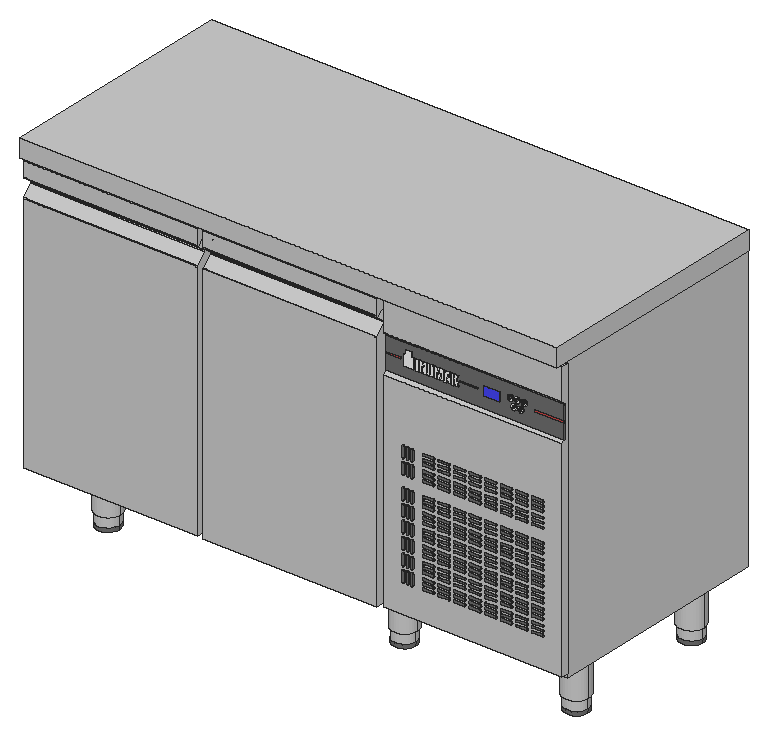
Revit family "QF_INOMAK_PMRP99_250528104133", category Specialty Equipment, Revit 2021
Family settings
  Round Connector Dimension = Use Diameter
  Part Type = Normal
  OmniClass Number = 23.40.40.14
  OmniClass Title = Food Service Equipment
  Work Plane-Based = No
  Always vertical = Yes
  Cut with Voids When Loaded = No
  Shared = No
  Room Calculation Point = No
Parameters (values of type "PMRP99")
  Weight [instance] = 104.00 kg
  Waste Water Discharge Temperature [instance] = 0 °C
  Waste Remarks [instance] = ""
  Warranty Start Date [instance] = ""
  Warranty Duration [instance] = ""
  Volts [instance] = 230 V
  Volt Free Conn [instance] = no
  URL Recommended Spares List [instance] = ""
  URL Manufacturer [instance] = ""
  URL Cutsheet [instance] = ""
  URL Critical Spares List [instance] = ""
  URL = "www.inomak.com"
  Technical Documentation [instance] = ""
  Tag Number [instance] = ""
  Status [instance] = ""
  Start Up Current [instance] = 0 A
  Specification by User [instance] = ""
  Specification by Manufacturer [instance] = ""
  Sound Level [instance] = ""
  Show Logo [instance] = yes
  Show Clearances [instance] = yes
  Service Life Duration [instance] = ""
  Serial Number [instance] = ""
  Seismic Rating [instance] = ""
  SMACNA No [instance] = ""
  Revision Code [instance] = ""
  Revision [instance] = ""
  Production Year [instance] = ""
  Potential Equalisation [instance] = no
  Point Load [instance] = 0
  Plumbing Connection Type [instance] = ""
  Phase [instance] = 1
  Other Equipment Approvals [instance] = ""
  Operational Current [instance] = 0 A
  Number of Poles [instance] = 2
  No Load Power Draw [instance] = no
  NAFEM Spec ID Number [instance] = ""
  Model Warning [instance] = ""
  Model = "PMRP99"
  Min Ckt Ampacity [instance] = 0 A
  Max Overcurrent Protection [instance] = 10 A
  Masterspec [instance] = ""
  Manufacturer = "INOMAK"
  Main switch integrated [instance] = no
  Length Actual [instance] = 1342.136 mm
  Item Number [instance] = ""
  Installed By [instance] = ""
  Installation Date [instance] = ""
  Indirect Waste Size [instance] = 25.4 mm
  Indirect Waste Remarks [instance] = ""
  Indirect Waste Flow [instance] = 0.0 L/s
  Indirect Waste Connection Type [instance] = ""
  Indirect Waste Connection Height [instance] = 0 mm
  Identify Quantity as Lot [instance] = no
  ID [instance] = ""
  Hygiene Approval [instance] = ""
  Height Actual [instance] = 899.922 mm
  HP power [instance] = ""
  Furnished By [instance] = ""
  Foodservice Equipment Identifier [instance] = no
  FL Amps [instance] = 2.8 A
  Electrical Remarks [instance] = ""
  Electric power [instance] = 360 W
  Electric Connection Type [instance] = ""
  Elec Conn RI Height [instance] = 0 mm
  Elec Conn Connection Height [instance] = 0 mm
  ETL Approved [instance] = no
  Direct Waste Water Discharge Temperature [instance] = -273.15 °C
  Direct Waste Size [instance] = 25.4 mm
  Direct Waste RI Height [instance] = 0 mm
  Direct Waste Flow [instance] = 0.0 L/s
  Direct Waste Connection Height [instance] = 0 mm
  Description = "CLOVER CHILLER COUNTER WITH 2 DOORS, COMPACT DIMENSIONS"
  Depth Actual [instance] = 599.948 mm
  Default Elevation = 0 mm
  Cycle [instance] = 50 Hz
  Cost = 0
  Connection to energy optimisation system [instance] = yes
  Conn Plug [instance] = ""
  Conn Conduit [instance] = no
  Centralized building control system with digital interface [instance] = ""
  CSI MasterFormat [instance] = ""
  CE Approved [instance] = no
  Barcode [instance] = 0
  Author [instance] = ""
  Asset Identifier [instance] = ""
  Apparent Power [instance] = 360 VA
  Accessory [instance] = no
Reference planes
  plane 1 "Center (Front/Back)": y = 0
  plane 2: z = 0
  plane 3 "Center (Left/Right)": x = 0
Forms (mm)
  Extrusion 1, solid, not visible
    sketch origin (1135.055, -260.013, 146.007) x (1, 0, 0) y (0, 1, 0)
      loop
        line (-2, 2) -> (-2, -2) -> (2, -2) -> (2, 2) -> (-2, 2)
    from -2 to 2
  Extrusion 2, solid, not visible
    sketch origin (935.046, -100.005, 146.007) x (1, 0, 0) y (0, 1, 0)
      loop
        line (-2, 2) -> (-2, -2) -> (2, -2) -> (2, 2) -> (-2, 2)
    from -2 to 2
Dimensions and locks
  locked: nested 2 to Extrusion 1 at 2  (x2)
  locked: nested 3 to Extrusion 2 at 2  (x2)
  aligned and locked: level to plane 2
Nested families
  nested 1: "QF_INOMAK_REF_COUNTERS_1345_2920" at (0, 0, 144), type "PMRP99"
    with Weight 104.00 kg, Warranty Start Date "", Warranty Duration "", URL Cutsheet "", Technical Documentation "", Tag Number "", Status "", Specification by User "", Specification by Manufacturer "", Sound Level "", Solid Fuel Type "", Show Clearances yes, Show Clearance yes, Service Life Duration "", Serial Number "", Seismic Rating "", SMACNA No "", Revision Code "", Revision "", Production Year "", Point Load 0, Other Equipment Approvals "", NAFEM Spec ID Number "", Model Warning "", Masterspec "", Length Actual 1342.136 mm, Item Number "", Installed By "", Installation Date "", Identify Quantity as Lot yes, ID "", Hygiene Approval "", Height Actual 899.922 mm, Furnished By "", Foodservice Equipment Identifier yes, Finish none, ETL Approved yes, Depth Actual 599.948 mm, CSI MasterFormat "", CE Approved yes, Barcode "", Author "", Asset Identifier "", Accessory no
  nested 2: "CONN_POINT_DRAIN_2D___Generic_Annotation" at (1135.055, -260.013, 144.007), type "CONN_POINT_DRAIN_2D___Generic_Annotation"
    with Onboard connection annotation symbol visibility yes
  nested 3: "CONN_POINT_ELE_2D___Generic_Annotation" at (935.046, -100.005, 144.007), type "CONN_POINT_ELE_2D___Generic_Annotation"
    with Onboard connection annotation symbol visibility yes
  nested 4: "QF_INOMAK_REF_COUNTERS_DOORS_DRAWERS_7216" at (0, -600, 144), type "DR-LX-710"
    with Weight 0.00 kg, Warranty Start Date "", Warranty Duration "", URL Cutsheet "", Top inset 10 mm, Technical Documentation "", Tag Number "", Status "", Specification by User "", Specification by Manufacturer "", Sound Level "", Solid Fuel Type "", Show Logo yes, Show Clearances yes, Service Life Duration "", Serial Number "", Seismic Rating "", SMACNA No "", Right panel thickness 0 mm, Revision Code "", Revision "", Rear inset 0 mm, Production Year "", Point Load 0, Plinth height 0 mm, Other Equipment Approvals "", NAFEM Spec ID Number "", Model Warning "", Masterspec "", Length Actual 435.102 mm, Left panel thickness 0 mm, Item Number "", Installed By "", Installation Date "", Identify Quantity as Lot yes, ID "", Hygiene Approval "", Height Actual 709.93 mm, Furnished By "", Front inset 10 mm, Foodservice Equipment Identifier yes, Finish none, ETL Approved yes, Doors drawers type 8, Depth Actual 80.01 mm, CSI MasterFormat "", CE Approved yes, Bottom inset 10 mm, Barcode "", Author "", Asset Identifier "", Accessory yes
  nested 5: "QF_INOMAK_REF_COUNTERS_DOORS_DRAWERS_16690" at (450, -600, 144), type "DR-RX-710"
    with Weight 0.00 kg, Warranty Start Date "", Warranty Duration "", URL Cutsheet "", Top inset 10 mm, Technical Documentation "", Tag Number "", Status "", Specification by User "", Specification by Manufacturer "", Sound Level "", Solid Fuel Type "", Show Logo yes, Show Clearances yes, Service Life Duration "", Serial Number "", Seismic Rating "", SMACNA No "", Right panel thickness 0 mm, Revision Code "", Revision "", Rear inset 0 mm, Production Year "", Point Load 0, Plinth height 0 mm, Other Equipment Approvals "", NAFEM Spec ID Number "", Model Warning "", Masterspec "", Length Actual 435.102 mm, Left panel thickness 0 mm, Item Number "", Installed By "", Installation Date "", Identify Quantity as Lot yes, ID "", Hygiene Approval "", Height Actual 709.93 mm, Furnished By "", Front inset 10 mm, Foodservice Equipment Identifier yes, Finish none, ETL Approved yes, Doors drawers type 9, Depth Actual 80.01 mm, CSI MasterFormat "", CE Approved yes, Bottom inset 10 mm, Barcode "", Author "", Asset Identifier "", Accessory yes
  nested 6: "QF_INOMAK_REF_COUNTERS_WORKTOPS_26161" at (0, 0, 854), type "WTWT-1345-600"
    with Worktop without backsplash yes, Worktop with backsplash no, Worktop type 3, Worktop thickness 46 mm, Without worktop no, Weight 0.00 kg, Warranty Start Date "", Warranty Duration "", URL Cutsheet "", Technical Documentation "", Tag Number "", Status "", Specification by User "", Specification by Manufacturer "", Sound Level "", Solid Fuel Type "", Show Logo yes, Show Clearances yes, Service Life Duration "", Serial Number "", Seismic Rating "", SMACNA No "", Revision Code "", Revision "", Production Year "", Point Load 0, Other Equipment Approvals "", NAFEM Spec ID Number "", Model Warning "", Masterspec "", Length Actual 1342.136 mm, Item Number "", Installed By "", Installation Date "", Identify Quantity as Lot yes, ID "", Hygiene Approval "", Height Actual 45.974 mm, Height AFF 0 mm, Furnished By "", Foodservice Equipment Identifier yes, Finish none, ETL Approved yes, Depth Actual 599.948 mm, CSI MasterFormat "", CE Approved yes, Barcode "", Backsplash thickness 20 mm, Backsplash height 60 mm, Author "", Asset Identifier "", Accessory yes
  nested 7: "QF_INOMAK_REF_COUNTERS_LEGS_27990" at (0, 0, 0), type "LG-1345-600"
    with Weight 0.00 kg, Warranty Start Date "", Warranty Duration "", URL Cutsheet "", Technical Documentation "", Tag Number "", Status "", Specification by User "", Specification by Manufacturer "", Sound Level "", Solid Fuel Type "", Show Logo yes, Show Clearances yes, Service Life Duration "", Serial Number "", Seismic Rating "", SMACNA No "", Revision Code "", Revision "", Production Year "", Point Load 0, Other Equipment Approvals "", NAFEM Spec ID Number "", Model Warning "", Masterspec "", Length Actual 1342.136 mm, Legs inset right 70 mm, Legs inset rear 90 mm, Legs inset left 100 mm, Legs inset front 150 mm, Item Number "", Installed By "", Installation Date "", Identify Quantity as Lot yes, ID "", Hygiene Approval "", Height Actual 144.018 mm, Furnished By "", Foodservice Equipment Identifier yes, ETL Approved yes, Depth Actual 599.948 mm, CentralLegs no, CSI MasterFormat "", CE Approved yes, Barcode "", Author "", Asset Identifier "", Accessory yes
Connectors
  piping at (1135.055, -260.013, 144.007), diameter 25.4, driven by "Indirect Waste Size", driven by "Direct Waste Flow"
    settings: on Extrusion 1, index 1, connector inside diameter 609.6 mm, connector length 0 mm, flow factor 0, pipe flow 0.0 L/s, pressure drop 0.0 Pa, fitting loss kfactor 0, connector angle 0.00°, fixture units 0, engagement length 0 mm, angle of deflection 0.00°, flow configuration 1, flow direction 2, fitting loss method 0, system type 16, joint type 0, gender type 0, connector reference index -1, connector utility 0, adjustable connector no, is connector primary yes, connector description "Waste connection for PMRP99"
  electrical at (935.046, -100.005, 144.007), driven by "Apparent Power", driven by "Number of Poles", driven by "Volts"
    settings: on Extrusion 2, index 2, voltage 230 V, apparent load 0 VA, apparent load phase1 360 VA, apparent load phase2 0 VA, apparent load phase3 0 VA, power factor 1, load classification "Other", number of poles 2, system type 31, power factor state 1, is connector primary yes, connector utility no, sub classification motor no, connector description "Electrical connection for PMRP99"
Definition of nested family "QF_INOMAK_REF_COUNTERS_1345_2920"
  Parameters (values of type "PNRP99")
    Weight [instance] = 0.00 kg
    Warranty Start Date [instance] = ""
    Warranty Duration [instance] = ""
    URL Cutsheet [instance] = ""
    URL = "www.inomak.com"
    Technical Documentation [instance] = ""
    Tag Number [instance] = ""
    Status [instance] = ""
    Specification by User [instance] = ""
    Specification by Manufacturer [instance] = ""
    Sound Level [instance] = ""
    Solid Fuel Type [instance] = ""
    Show Logo = yes
    Show Clearances [instance] = yes
    Show Clearance [instance] = yes
    Service Life Duration [instance] = ""
    Serial Number [instance] = ""
    Seismic Rating [instance] = ""
    SMACNA No [instance] = ""
    Revision Code [instance] = ""
    Revision [instance] = ""
    Production Year [instance] = ""
    Point Load [instance] = 0
    Other Equipment Approvals [instance] = ""
    NAFEM Spec ID Number [instance] = ""
    Model Warning [instance] = ""
    Model = "PNRP99"
    Masterspec [instance] = ""
    Manufacturer = "INOMAK"
    Length Actual [instance] = 0 mm
    Length = 1342 mm
    Item Number [instance] = ""
    Installed By [instance] = ""
    Installation Date [instance] = ""
    Identify Quantity as Lot [instance] = yes
    ID [instance] = ""
    Hygiene Approval [instance] = ""
    Height Actual [instance] = 0 mm
    Height = 710 mm
    Furnished By [instance] = ""
    Foodservice Equipment Identifier [instance] = yes
    Finish [instance] = none
    ETL Approved [instance] = yes
    Description = "PINE REFRIGERATED COUNTER WITH 2 GN 1/1 DOORS"
    Depth Actual [instance] = 0 mm
    Depth = 700 mm
    Default Elevation = 0 mm
    CSI MasterFormat [instance] = ""
    CE Approved [instance] = yes
    Barcode [instance] = ""
    Author [instance] = ""
    Asset Identifier [instance] = ""
    Assembly Code = "E1090320"
    Accessory [instance] = yes
  Types (2, lengths in mm): name | Model | Description | Depth
    PNRP99 | "PNRP99" | "PINE REFRIGERATED COUNTER WITH 2 GN 1/1 DOORS" | 700
    PMRP99 | "PMRP99" | "CLOVER CHILLER COUNTER WITH 2 DOORS, COMPACT DIMENSIONS" | 600
  Reference planes
    plane 1 "Back": y = 0
    plane 2: z = 0
    plane 3 "Left": x = 0
    plane 4 "Right": x = 1342
    plane 5 "Front": y = -700
    plane 6 "Top": z = 710
  Forms (mm)
    Extrusion 1, solid, material <- "Finish"
      sketch origin (0, 0, 0) x (1, 0, 0) y (0, 1, 0)
        loop
          line (0, -648) -> (30, -648) -> (30, -30) -> (867, -30) -> (867, -648) -> (897, -648) -> (897, -665) -> (1342, -665) -> (1342, 0) -> (0, 0) -> (0, -648)
      from 0 to 710
    Extrusion 2, solid, material <- "Finish"
      sketch origin (0, 0, 0) x (1, 0, 0) y (0, 1, 0)
        loop
          line (30, -30) -> (30, -648) -> (867, -648) -> (867, -30) -> (30, -30)
      from 0 to 45
    Extrusion 3, solid, material <- "Finish"
      sketch origin (0, 0, 710) x (0, 1, 0) y (-1, 0, 0)
        loop
          line (-30, -30) -> (-648, -30) -> (-648, -867) -> (-30, -867) -> (-30, -30)
      from 0 to -30
    Extrusion 4, solid, material <- "Finish"
      sketch origin (1342, 0, 0) x (0, -1, 0) y (0, 0, 1)
        loop
          line (683.05, 705) -> (665, 705) -> (665, 10) -> (683.05, 10) -> (683.05, 532.058) -> (676.05, 539.058) -> (676.05, 618.864) -> (683.05, 625.864) -> (683.05, 705)
      from 0 to 445
    Extrusion 5, solid
      sketch origin (0, -700, 0) x (-1, 0, 0) y (0, 0, 1)
        loop
          circle (-1208.654, 586.73) r 6.965
        loop
          circle (-1225.685, 586.73) r 6.965
        loop
          circle (-1242.694, 586.73) r 6.965
        loop
          circle (-1217.18, 568.729) r 6.965
        loop
          circle (-1234.189, 568.729) r 6.965
        loop
          circle (-1208.654, 586.73) r 3.965
        loop
          circle (-1225.685, 586.73) r 3.965
        loop
          circle (-1242.694, 586.73) r 3.965
        loop
          circle (-1217.18, 568.729) r 3.965
        loop
          circle (-1234.189, 568.729) r 3.965
      from 23 to 25.5
    Extrusion 6, solid
      sketch origin (0, -700, 0) x (-1, 0, 0) y (0, 0, 1)
        loop
          line (-1180.865, 590.461) -> (-1180.865, 567.461) -> (-1140.865, 567.461) -> (-1140.865, 590.461) -> (-1180.865, 590.461)
      from 23 to 25.5
    Extrusion 7, solid
      sketch origin (0, -700, 0) x (-1, 0, 0) y (0, 0, 1)
        loop
          line (-897, 618.864) -> (-1342, 618.864) -> (-1342, 539.058) -> (-897, 539.058) -> (-897, 618.864)
      from 23.5 to 25.5
    Extrusion 8, solid, visible <- "Show Logo"
      sketch origin (0, -700, 0) x (-1, 0, 0) y (0, 0, 1)
        loop
          line (-941.061, 591.01) -> (-947.061, 591.01) -> (-947.061, 602.118) -> (-961.298, 602.118) -> (-961.298, 591.01) -> (-967.298, 591.01) -> (-967.298, 564.76) -> (-941.061, 564.76) -> (-941.061, 591.01)
        loop
          line (-971.613, 590.698) -> (-978.903, 590.698) -> (-978.903, 564.76) -> (-971.613, 564.76) -> (-971.613, 590.698)
        loop
          line (-981.422, 564.76) -> (-981.422, 590.698) -> (-988.256, 590.698) -> (-991.449, 578.78) -> (-991.449, 590.698) -> (-997.982, 590.698) -> (-997.982, 564.76) -> (-991.449, 564.76) -> (-987.735, 578.623) -> (-987.735, 564.76) -> (-981.422, 564.76)
        loop
          line (-1018.664, 564.76) -> (-1018.664, 590.698) -> (-1027.626, 590.698) -> (-1029.988, 576.688) -> (-1032.35, 590.698) -> (-1041.312, 590.698) -> (-1041.312, 564.76) -> (-1034.687, 564.76) -> (-1034.687, 578.623) -> (-1032.35, 564.76) -> (-1027.626, 564.76) -> (-1025.289, 578.623) -> (-1025.289, 564.76) -> (-1018.664, 564.76)
        loop
          line (-1003.851, 590.698) -> (-1013.176, 590.698)
          arc (-1013.176, 590.698) -> (-1015.773, 589.622) -> (-1016.849, 587.026) r 3.672
          line (-1016.849, 587.026) -> (-1016.849, 568.433)
          arc (-1016.849, 568.433) -> (-1015.773, 565.836) -> (-1013.176, 564.76) r 3.672
          line (-1013.176, 564.76) -> (-1003.851, 564.76)
          arc (-1003.851, 564.76) -> (-1001.255, 565.836) -> (-1000.179, 568.433) r 3.672
          line (-1000.179, 568.433) -> (-1000.179, 587.026)
          arc (-1000.179, 587.026) -> (-1001.255, 589.622) -> (-1003.851, 590.698) r 3.672
        loop
          arc (-1007.487, 587.542) -> (-1008.514, 588.569) -> (-1009.541, 587.542) r 1.027
          line (-1009.541, 587.542) -> (-1009.541, 568.949)
          arc (-1009.541, 568.949) -> (-1008.514, 567.922) -> (-1007.487, 568.949) r 1.027
          line (-1007.487, 568.949) -> (-1007.487, 587.542)
        loop
          line (-1042.382, 564.76) -> (-1046.755, 590.698) -> (-1055.615, 590.698) -> (-1059.988, 564.76) -> (-1053.461, 564.76) -> (-1052.852, 569.723) -> (-1049.518, 569.723) -> (-1048.909, 564.76) -> (-1042.382, 564.76)
        loop
          line (-1050.074, 574.252) -> (-1051.185, 583.299) -> (-1052.296, 574.252) -> (-1050.074, 574.252)
        loop
          line (-1060.954, 564.76) -> (-1060.954, 590.698) -> (-1067.579, 590.698) -> (-1067.579, 581.585) -> (-1070.365, 590.698) -> (-1077.803, 590.698) -> (-1073.474, 579.422) -> (-1078.522, 564.76) -> (-1070.939, 564.76) -> (-1067.579, 577.3) -> (-1067.579, 564.76) -> (-1060.954, 564.76)
      from 23 to 25.5
    Extrusion 9, solid
      sketch origin (0, -700, 0) x (-1, 0, 0) y (0, 0, 1)
        loop
          line (-897, 580.961) -> (-933.995, 580.961) -> (-933.995, 576.961) -> (-897, 576.961) -> (-897, 580.961)
        loop
          line (-1082, 580.961) -> (-1126.365, 580.961) -> (-1126.365, 576.961) -> (-1082, 576.961) -> (-1082, 580.961)
        loop
          line (-1342, 580.961) -> (-1342, 576.961) -> (-1268.755, 576.961) -> (-1268.755, 580.961) -> (-1342, 580.961)
      from 23 to 25.5
  Cuts and joins
    joined: Extrusion 1, Extrusion 2, Extrusion 3
  Lines and regions (mm)
    symbolic lines, visible <- "Show Clearance"
      curve 1: line (0, 0, 0) -> (1342, 0, 0)
      curve 2: line (1342, 0, 0) -> (1342, -700, 0)
      curve 3: line (1342, -700, 0) -> (0, -700, 0)
      curve 4: line (0, -700, 0) -> (0, 0, 0)
  Dimensions and locks
    "Length": plane 3 "Left" to plane 4 "Right"
    "Depth": plane 5 "Front" to plane 1 "Back"
    "Height": plane 6 "Top" to plane 2
    aligned and locked: level to plane 2
    aligned and locked: plane 6 "Top" to Extrusion 1
    aligned and locked: nested 1 to plane 4 "Right"
    aligned and locked: plane 5 "Front" to nested 1
    aligned and locked: plane 5 "Front" to curve 3
  Automatic sketch dimensions
    plane 3 "Left" to Extrusion 2 sketch curve = 30 mm
    plane 4 "Right" to Extrusion 2 sketch curve = 475 mm
    plane 1 "Back" to Extrusion 2 sketch curve = 30 mm
    plane 1 "Back" to Extrusion 3 sketch curve = 30 mm
    plane 4 "Right" to Extrusion 3 sketch curve = 475 mm
    plane 3 "Left" to Extrusion 3 sketch curve = 30 mm
    Extrusion 1 sketch curve to plane 3 "Left" = 0 mm
    plane 1 "Back" to Extrusion 1 sketch curve = 0 mm
    Extrusion 1 sketch curve to plane 4 "Right" = 0 mm
    plane 3 "Left" to Extrusion 1 sketch curve = 30 mm
    plane 1 "Back" to Extrusion 1 sketch curve = 30 mm
    plane 4 "Right" to Extrusion 1 sketch curve = 475 mm
    Extrusion 1 sketch curve to Extrusion 1 sketch curve = 30 mm
    plane 5 "Front" to Extrusion 1 sketch curve = 35 mm
    plane 5 "Front" to Extrusion 1 sketch curve = 52 mm
    Extrusion 1 sketch curve to Extrusion 1 sketch curve = 17 mm
    plane 5 "Front" to Extrusion 2 sketch curve = 52 mm
    plane 5 "Front" to Extrusion 3 sketch curve = 52 mm
    Extrusion 4 sketch curve to plane 6 "Top" = 5 mm
    plane 5 "Front" to Extrusion 4 sketch curve = 35 mm
    plane 5 "Front" to Extrusion 4 sketch curve = 23.95 mm
    Extrusion 4 sketch curve to Extrusion 4 sketch curve = 7 mm  (x4)
    Extrusion 4 sketch curve to Extrusion 4 sketch curve = 79.136 mm
    Extrusion 4 sketch curve to Extrusion 4 sketch curve = 79.807 mm
    level to Extrusion 4 sketch curve = 10 mm
    Extrusion 5 sketch curve to Extrusion 5 sketch curve = 0 mm  (x13)
    plane 4 "Right" to Extrusion 5 sketch curve = 99.306 mm
    Extrusion 5 sketch curve to Extrusion 5 sketch curve = 8.505 mm
    Extrusion 5 sketch curve to Extrusion 5 sketch curve = 17.009 mm  (x2)
    Extrusion 5 sketch curve to Extrusion 5 sketch curve = 17.03 mm
    Extrusion 5 sketch curve to plane 6 "Top" = 141.271 mm
    Extrusion 5 sketch curve to Extrusion 5 sketch curve = 18.001 mm
    plane 4 "Right" to Extrusion 6 sketch curve = 161.135 mm
    Extrusion 6 sketch curve to Extrusion 6 sketch curve = 40 mm
    Extrusion 6 sketch curve to plane 6 "Top" = 142.539 mm
    Extrusion 6 sketch curve to Extrusion 6 sketch curve = 23 mm
    plane 4 "Right" to Extrusion 7 sketch curve = 0 mm
    Extrusion 7 sketch curve to plane 6 "Top" = 170.942 mm
    plane 4 "Right" to Extrusion 7 sketch curve = 445 mm
    Extrusion 7 sketch curve to Extrusion 7 sketch curve = 79.807 mm
    plane 4 "Right" to Extrusion 8 sketch curve = 263.478 mm
    Extrusion 8 sketch curve to Extrusion 8 sketch curve = 0.72 mm
    Extrusion 8 sketch curve to plane 6 "Top" = 130.578 mm
    Extrusion 8 sketch curve to Extrusion 8 sketch curve = 4.329 mm
    Extrusion 8 sketch curve to Extrusion 8 sketch curve = 7.584 mm
    Extrusion 8 sketch curve to plane 6 "Top" = 119.302 mm  (x2)
    Extrusion 8 sketch curve to Extrusion 8 sketch curve = 7.438 mm
    Extrusion 8 sketch curve to plane 6 "Top" = 132.7 mm
    Extrusion 8 sketch curve to Extrusion 8 sketch curve = 5.895 mm
    Extrusion 8 sketch curve to plane 6 "Top" = 128.415 mm
    Extrusion 8 sketch curve to Extrusion 8 sketch curve = 0 mm  (x11)
    Extrusion 8 sketch curve to Extrusion 8 sketch curve = 6.625 mm  (x2)
    Extrusion 8 sketch curve to Extrusion 8 sketch curve = 0.965 mm
    Extrusion 8 sketch curve to Extrusion 8 sketch curve = 5.338 mm
    Extrusion 8 sketch curve to Extrusion 8 sketch curve = 6.527 mm  (x2)
    Extrusion 8 sketch curve to plane 6 "Top" = 140.277 mm
    Extrusion 8 sketch curve to Extrusion 8 sketch curve = 0.609 mm
    Extrusion 8 sketch curve to plane 6 "Top" = 135.748 mm
    Extrusion 8 sketch curve to Extrusion 8 sketch curve = 0.556 mm
    Extrusion 8 sketch curve to plane 6 "Top" = 126.701 mm
    Extrusion 8 sketch curve to Extrusion 8 sketch curve = 4.43 mm  (x2)
    Extrusion 8 sketch curve to Extrusion 8 sketch curve = 2.222 mm
    Extrusion 8 sketch curve to Extrusion 8 sketch curve = 3.334 mm
    Extrusion 8 sketch curve to Extrusion 8 sketch curve = 4.552 mm
    Extrusion 8 sketch curve to plane 6 "Top" = 145.24 mm  (x2)
    Extrusion 8 sketch curve to Extrusion 8 sketch curve = 1.069 mm
    Extrusion 8 sketch curve to plane 6 "Top" = 131.377 mm  (x2)
    Extrusion 8 sketch curve to Extrusion 8 sketch curve = 8.962 mm  (x2)
    Extrusion 8 sketch curve to Extrusion 8 sketch curve = 2.337 mm
    Extrusion 8 sketch curve to plane 6 "Top" = 133.312 mm
    Extrusion 8 sketch curve to Extrusion 8 sketch curve = 4.699 mm  (x2)
    Extrusion 8 sketch curve to Extrusion 8 sketch curve = 4.724 mm  (x2)
    Extrusion 8 sketch curve to Extrusion 8 sketch curve = 1.815 mm
    Extrusion 8 sketch curve to Extrusion 8 sketch curve = 3.672 mm  (x8)
    Extrusion 8 sketch curve to Extrusion 8 sketch curve = 3.636 mm  (x3)
    Extrusion 8 sketch curve to Extrusion 8 sketch curve = 1.027 mm
    Extrusion 8 sketch curve to Extrusion 8 sketch curve = 2.197 mm
    Extrusion 8 sketch curve to Extrusion 8 sketch curve = 6.532 mm  (x2)
    Extrusion 8 sketch curve to Extrusion 8 sketch curve = 3.194 mm
    Extrusion 8 sketch curve to Extrusion 8 sketch curve = 3.714 mm
    Extrusion 8 sketch curve to Extrusion 8 sketch curve = 6.312 mm
    Extrusion 8 sketch curve to Extrusion 8 sketch curve = 2.52 mm
    Extrusion 8 sketch curve to Extrusion 8 sketch curve = 7.29 mm
    Extrusion 8 sketch curve to Extrusion 8 sketch curve = 4.315 mm
    Extrusion 8 sketch curve to Extrusion 8 sketch curve = 6 mm
    Extrusion 8 sketch curve to Extrusion 8 sketch curve = 14.237 mm
    Extrusion 8 sketch curve to Extrusion 8 sketch curve = 26.237 mm
    Extrusion 8 sketch curve to Extrusion 8 sketch curve = 14.661 mm
    Extrusion 8 sketch curve to Extrusion 8 sketch curve = 4.963 mm
    Extrusion 8 sketch curve to Extrusion 8 sketch curve = 0.516 mm  (x2)
    Extrusion 8 sketch curve to Extrusion 8 sketch curve = 13.862 mm
    Extrusion 8 sketch curve to Extrusion 8 sketch curve = 0.157 mm
    Extrusion 8 sketch curve to Extrusion 8 sketch curve = 26.25 mm
    Extrusion 8 sketch curve to Extrusion 8 sketch curve = 0.312 mm
    Extrusion 8 sketch curve to Extrusion 8 sketch curve = 11.107 mm
    plane 4 "Right" to Extrusion 9 sketch curve = 0 mm
    plane 4 "Right" to Extrusion 9 sketch curve = 73.245 mm
    Extrusion 9 sketch curve to Extrusion 9 sketch curve = 142.39 mm
    Extrusion 9 sketch curve to Extrusion 9 sketch curve = 44.365 mm
    Extrusion 9 sketch curve to Extrusion 9 sketch curve = 148.005 mm
    Extrusion 9 sketch curve to Extrusion 9 sketch curve = 36.995 mm
    Extrusion 9 sketch curve to plane 6 "Top" = 133.039 mm  (x3)
    Extrusion 9 sketch curve to Extrusion 9 sketch curve = 4 mm  (x3)
    plane 1 "Back" to curve 1 = 0 mm
    curve 1 to plane 3 "Left" = 0 mm
    curve 2 to plane 4 "Right" = 0 mm
    radius of Extrusion 5 sketch curve = 6.965 mm  (x5)
    radius of Extrusion 5 sketch curve = 3.965 mm  (x5)
  Nested families
    nested 1: "QF_INOMAK_CONRTOL-PANEL" at (1342, 0, 0), type "PNRP9999"
      with Show Clearance yes
  Definition of nested family "QF_INOMAK_CONRTOL-PANEL"
    Parameters (values of type "PNRP9999")
      URL = ""
      Show Logo = yes
      Show Clearance [instance] = yes
      Model = ""
      Manufacturer = ""
      Length = 0 mm
      Height = 710 mm
      Front offset = 80 mm
      Description = ""
      Depth = 700 mm
      Default Elevation = 0 mm
      Assembly Code = ""
    Reference planes
      plane 1 "Back": y = 0
      plane 2: z = 0
      plane 3 "Left": x = 0
      plane 4 "Right": x = 0
      plane 5 "Front": y = -700
      plane 6 "Top": z = 710
      plane 7 "Front offset": y = -620
    Forms (mm)
      Extrusion 1, solid
        sketch origin (-2240, -700, 0) x (-1, 0, 0) y (0, 0, 1)
          loop
            arc (-2191.4, 389.855) -> (-2194.4, 386.855) -> (-2191.4, 383.855) r 3
            line (-2191.4, 383.855) -> (-2167.4, 383.855)
            arc (-2167.4, 383.855) -> (-2164.4, 386.855) -> (-2167.4, 389.855) r 3
            line (-2167.4, 389.855) -> (-2191.4, 389.855)
          loop
            arc (-2152.4, 389.855) -> (-2155.4, 386.855) -> (-2152.4, 383.855) r 3
            line (-2152.4, 383.855) -> (-2128.4, 383.855)
            arc (-2128.4, 383.855) -> (-2125.4, 386.855) -> (-2128.4, 389.855) r 3
            line (-2128.4, 389.855) -> (-2152.4, 389.855)
          loop
            arc (-2113.4, 389.855) -> (-2116.4, 386.855) -> (-2113.4, 383.855) r 3
            line (-2113.4, 383.855) -> (-2089.4, 383.855)
            arc (-2089.4, 383.855) -> (-2086.4, 386.855) -> (-2089.4, 389.855) r 3
            line (-2089.4, 389.855) -> (-2113.4, 389.855)
          loop
            arc (-2074.4, 389.855) -> (-2077.4, 386.855) -> (-2074.4, 383.855) r 3
            line (-2074.4, 383.855) -> (-2050.4, 383.855)
            arc (-2050.4, 383.855) -> (-2047.4, 386.855) -> (-2050.4, 389.855) r 3
            line (-2050.4, 389.855) -> (-2074.4, 389.855)
          loop
            arc (-2035.4, 389.855) -> (-2038.4, 386.855) -> (-2035.4, 383.855) r 3
            line (-2035.4, 383.855) -> (-2011.4, 383.855)
            arc (-2011.4, 383.855) -> (-2008.4, 386.855) -> (-2011.4, 389.855) r 3
            line (-2011.4, 389.855) -> (-2035.4, 389.855)
          loop
            arc (-1996.4, 389.855) -> (-1999.4, 386.855) -> (-1996.4, 383.855) r 3
            line (-1996.4, 383.855) -> (-1972.4, 383.855)
            arc (-1972.4, 383.855) -> (-1969.4, 386.855) -> (-1972.4, 389.855) r 3
            line (-1972.4, 389.855) -> (-1996.4, 389.855)
          loop
            arc (-1957.4, 389.855) -> (-1960.4, 386.855) -> (-1957.4, 383.855) r 3
            line (-1957.4, 383.855) -> (-1933.4, 383.855)
            arc (-1933.4, 383.855) -> (-1930.4, 386.855) -> (-1933.4, 389.855) r 3
            line (-1933.4, 389.855) -> (-1957.4, 389.855)
          loop
            arc (-1918.4, 389.855) -> (-1921.4, 386.855) -> (-1918.4, 383.855) r 3
            line (-1918.4, 383.855) -> (-1894.4, 383.855)
            arc (-1894.4, 383.855) -> (-1891.4, 386.855) -> (-1894.4, 389.855) r 3
            line (-1894.4, 389.855) -> (-1918.4, 389.855)
          loop
            arc (-2191.4, 378.855) -> (-2194.4, 375.855) -> (-2191.4, 372.855) r 3
            line (-2191.4, 372.855) -> (-2167.4, 372.855)
            arc (-2167.4, 372.855) -> (-2164.4, 375.855) -> (-2167.4, 378.855) r 3
            line (-2167.4, 378.855) -> (-2191.4, 378.855)
          loop
            arc (-2152.4, 378.855) -> (-2155.4, 375.855) -> (-2152.4, 372.855) r 3
            line (-2152.4, 372.855) -> (-2128.4, 372.855)
            arc (-2128.4, 372.855) -> (-2125.4, 375.855) -> (-2128.4, 378.855) r 3
            line (-2128.4, 378.855) -> (-2152.4, 378.855)
          loop
            arc (-2113.4, 378.855) -> (-2116.4, 375.855) -> (-2113.4, 372.855) r 3
            line (-2113.4, 372.855) -> (-2089.4, 372.855)
            arc (-2089.4, 372.855) -> (-2086.4, 375.855) -> (-2089.4, 378.855) r 3
            line (-2089.4, 378.855) -> (-2113.4, 378.855)
          loop
            arc (-2074.4, 378.855) -> (-2077.4, 375.855) -> (-2074.4, 372.855) r 3
            line (-2074.4, 372.855) -> (-2050.4, 372.855)
            arc (-2050.4, 372.855) -> (-2047.4, 375.855) -> (-2050.4, 378.855) r 3
            line (-2050.4, 378.855) -> (-2074.4, 378.855)
          loop
            arc (-2035.4, 378.855) -> (-2038.4, 375.855) -> (-2035.4, 372.855) r 3
            line (-2035.4, 372.855) -> (-2011.4, 372.855)
            arc (-2011.4, 372.855) -> (-2008.4, 375.855) -> (-2011.4, 378.855) r 3
            line (-2011.4, 378.855) -> (-2035.4, 378.855)
          loop
            arc (-1996.4, 378.855) -> (-1999.4, 375.855) -> (-1996.4, 372.855) r 3
            line (-1996.4, 372.855) -> (-1972.4, 372.855)
            arc (-1972.4, 372.855) -> (-1969.4, 375.855) -> (-1972.4, 378.855) r 3
            line (-1972.4, 378.855) -> (-1996.4, 378.855)
          loop
            arc (-1957.4, 378.855) -> (-1960.4, 375.855) -> (-1957.4, 372.855) r 3
            line (-1957.4, 372.855) -> (-1933.4, 372.855)
            arc (-1933.4, 372.855) -> (-1930.4, 375.855) -> (-1933.4, 378.855) r 3
            line (-1933.4, 378.855) -> (-1957.4, 378.855)
          loop
            arc (-1918.4, 378.855) -> (-1921.4, 375.855) -> (-1918.4, 372.855) r 3
            line (-1918.4, 372.855) -> (-1894.4, 372.855)
            arc (-1894.4, 372.855) -> (-1891.4, 375.855) -> (-1894.4, 378.855) r 3
            line (-1894.4, 378.855) -> (-1918.4, 378.855)
          loop
            arc (-2191.4, 367.855) -> (-2194.4, 364.855) -> (-2191.4, 361.855) r 3
            line (-2191.4, 361.855) -> (-2167.4, 361.855)
            arc (-2167.4, 361.855) -> (-2164.4, 364.855) -> (-2167.4, 367.855) r 3
            line (-2167.4, 367.855) -> (-2191.4, 367.855)
          loop
            arc (-2152.4, 367.855) -> (-2155.4, 364.855) -> (-2152.4, 361.855) r 3
            line (-2152.4, 361.855) -> (-2128.4, 361.855)
            arc (-2128.4, 361.855) -> (-2125.4, 364.855) -> (-2128.4, 367.855) r 3
            line (-2128.4, 367.855) -> (-2152.4, 367.855)
          loop
            arc (-2113.4, 367.855) -> (-2116.4, 364.855) -> (-2113.4, 361.855) r 3
            line (-2113.4, 361.855) -> (-2089.4, 361.855)
            arc (-2089.4, 361.855) -> (-2086.4, 364.855) -> (-2089.4, 367.855) r 3
            line (-2089.4, 367.855) -> (-2113.4, 367.855)
          loop
            arc (-2074.4, 367.855) -> (-2077.4, 364.855) -> (-2074.4, 361.855) r 3
            line (-2074.4, 361.855) -> (-2050.4, 361.855)
            arc (-2050.4, 361.855) -> (-2047.4, 364.855) -> (-2050.4, 367.855) r 3
            line (-2050.4, 367.855) -> (-2074.4, 367.855)
          loop
            arc (-2035.4, 367.855) -> (-2038.4, 364.855) -> (-2035.4, 361.855) r 3
            line (-2035.4, 361.855) -> (-2011.4, 361.855)
            arc (-2011.4, 361.855) -> (-2008.4, 364.855) -> (-2011.4, 367.855) r 3
            line (-2011.4, 367.855) -> (-2035.4, 367.855)
          loop
            arc (-1996.4, 367.855) -> (-1999.4, 364.855) -> (-1996.4, 361.855) r 3
            line (-1996.4, 361.855) -> (-1972.4, 361.855)
            arc (-1972.4, 361.855) -> (-1969.4, 364.855) -> (-1972.4, 367.855) r 3
            line (-1972.4, 367.855) -> (-1996.4, 367.855)
          loop
            arc (-1957.4, 367.855) -> (-1960.4, 364.855) -> (-1957.4, 361.855) r 3
            line (-1957.4, 361.855) -> (-1933.4, 361.855)
            arc (-1933.4, 361.855) -> (-1930.4, 364.855) -> (-1933.4, 367.855) r 3
            line (-1933.4, 367.855) -> (-1957.4, 367.855)
          loop
            arc (-1918.4, 367.855) -> (-1921.4, 364.855) -> (-1918.4, 361.855) r 3
            line (-1918.4, 361.855) -> (-1894.4, 361.855)
            arc (-1894.4, 361.855) -> (-1891.4, 364.855) -> (-1894.4, 367.855) r 3
            line (-1894.4, 367.855) -> (-1918.4, 367.855)
          loop
            arc (-2191.4, 352.855) -> (-2194.4, 349.855) -> (-2191.4, 346.855) r 3
            line (-2191.4, 346.855) -> (-2167.4, 346.855)
            arc (-2167.4, 346.855) -> (-2164.4, 349.855) -> (-2167.4, 352.855) r 3
            line (-2167.4, 352.855) -> (-2191.4, 352.855)
          loop
            arc (-2152.4, 352.855) -> (-2155.4, 349.855) -> (-2152.4, 346.855) r 3
            line (-2152.4, 346.855) -> (-2128.4, 346.855)
            arc (-2128.4, 346.855) -> (-2125.4, 349.855) -> (-2128.4, 352.855) r 3
            line (-2128.4, 352.855) -> (-2152.4, 352.855)
          loop
            arc (-2113.4, 352.855) -> (-2116.4, 349.855) -> (-2113.4, 346.855) r 3
            line (-2113.4, 346.855) -> (-2089.4, 346.855)
            arc (-2089.4, 346.855) -> (-2086.4, 349.855) -> (-2089.4, 352.855) r 3
            line (-2089.4, 352.855) -> (-2113.4, 352.855)
          loop
            arc (-2074.4, 352.855) -> (-2077.4, 349.855) -> (-2074.4, 346.855) r 3
            line (-2074.4, 346.855) -> (-2050.4, 346.855)
            arc (-2050.4, 346.855) -> (-2047.4, 349.855) -> (-2050.4, 352.855) r 3
            line (-2050.4, 352.855) -> (-2074.4, 352.855)
          loop
            arc (-2035.4, 352.855) -> (-2038.4, 349.855) -> (-2035.4, 346.855) r 3
            line (-2035.4, 346.855) -> (-2011.4, 346.855)
            arc (-2011.4, 346.855) -> (-2008.4, 349.855) -> (-2011.4, 352.855) r 3
            line (-2011.4, 352.855) -> (-2035.4, 352.855)
          loop
            arc (-1996.4, 352.855) -> (-1999.4, 349.855) -> (-1996.4, 346.855) r 3
            line (-1996.4, 346.855) -> (-1972.4, 346.855)
            arc (-1972.4, 346.855) -> (-1969.4, 349.855) -> (-1972.4, 352.855) r 3
            line (-1972.4, 352.855) -> (-1996.4, 352.855)
          loop
            arc (-1957.4, 352.855) -> (-1960.4, 349.855) -> (-1957.4, 346.855) r 3
            line (-1957.4, 346.855) -> (-1933.4, 346.855)
            arc (-1933.4, 346.855) -> (-1930.4, 349.855) -> (-1933.4, 352.855) r 3
            line (-1933.4, 352.855) -> (-1957.4, 352.855)
          loop
            arc (-1918.4, 352.855) -> (-1921.4, 349.855) -> (-1918.4, 346.855) r 3
            line (-1918.4, 346.855) -> (-1894.4, 346.855)
            arc (-1894.4, 346.855) -> (-1891.4, 349.855) -> (-1894.4, 352.855) r 3
            line (-1894.4, 352.855) -> (-1918.4, 352.855)
          loop
            arc (-2191.4, 341.855) -> (-2194.4, 338.855) -> (-2191.4, 335.855) r 3
            line (-2191.4, 335.855) -> (-2167.4, 335.855)
            arc (-2167.4, 335.855) -> (-2164.4, 338.855) -> (-2167.4, 341.855) r 3
            line (-2167.4, 341.855) -> (-2191.4, 341.855)
          loop
            arc (-2152.4, 341.855) -> (-2155.4, 338.855) -> (-2152.4, 335.855) r 3
            line (-2152.4, 335.855) -> (-2128.4, 335.855)
            arc (-2128.4, 335.855) -> (-2125.4, 338.855) -> (-2128.4, 341.855) r 3
            line (-2128.4, 341.855) -> (-2152.4, 341.855)
          loop
            arc (-2113.4, 341.855) -> (-2116.4, 338.855) -> (-2113.4, 335.855) r 3
            line (-2113.4, 335.855) -> (-2089.4, 335.855)
            arc (-2089.4, 335.855) -> (-2086.4, 338.855) -> (-2089.4, 341.855) r 3
            line (-2089.4, 341.855) -> (-2113.4, 341.855)
          loop
            arc (-2074.4, 341.855) -> (-2077.4, 338.855) -> (-2074.4, 335.855) r 3
            line (-2074.4, 335.855) -> (-2050.4, 335.855)
            arc (-2050.4, 335.855) -> (-2047.4, 338.855) -> (-2050.4, 341.855) r 3
            line (-2050.4, 341.855) -> (-2074.4, 341.855)
          loop
            arc (-2035.4, 341.855) -> (-2038.4, 338.855) -> (-2035.4, 335.855) r 3
            line (-2035.4, 335.855) -> (-2011.4, 335.855)
            arc (-2011.4, 335.855) -> (-2008.4, 338.855) -> (-2011.4, 341.855) r 3
            line (-2011.4, 341.855) -> (-2035.4, 341.855)
          loop
            arc (-1996.4, 341.855) -> (-1999.4, 338.855) -> (-1996.4, 335.855) r 3
            line (-1996.4, 335.855) -> (-1972.4, 335.855)
            arc (-1972.4, 335.855) -> (-1969.4, 338.855) -> (-1972.4, 341.855) r 3
            line (-1972.4, 341.855) -> (-1996.4, 341.855)
          loop
            arc (-1957.4, 341.855) -> (-1960.4, 338.855) -> (-1957.4, 335.855) r 3
            line (-1957.4, 335.855) -> (-1933.4, 335.855)
            arc (-1933.4, 335.855) -> (-1930.4, 338.855) -> (-1933.4, 341.855) r 3
            line (-1933.4, 341.855) -> (-1957.4, 341.855)
          loop
            arc (-1918.4, 341.855) -> (-1921.4, 338.855) -> (-1918.4, 335.855) r 3
            line (-1918.4, 335.855) -> (-1894.4, 335.855)
            arc (-1894.4, 335.855) -> (-1891.4, 338.855) -> (-1894.4, 341.855) r 3
            line (-1894.4, 341.855) -> (-1918.4, 341.855)
          loop
            arc (-2191.4, 330.855) -> (-2194.4, 327.855) -> (-2191.4, 324.855) r 3
            line (-2191.4, 324.855) -> (-2167.4, 324.855)
            arc (-2167.4, 324.855) -> (-2164.4, 327.855) -> (-2167.4, 330.855) r 3
            line (-2167.4, 330.855) -> (-2191.4, 330.855)
          loop
            arc (-2152.4, 330.855) -> (-2155.4, 327.855) -> (-2152.4, 324.855) r 3
            line (-2152.4, 324.855) -> (-2128.4, 324.855)
            arc (-2128.4, 324.855) -> (-2125.4, 327.855) -> (-2128.4, 330.855) r 3
            line (-2128.4, 330.855) -> (-2152.4, 330.855)
          loop
            arc (-2113.4, 330.855) -> (-2116.4, 327.855) -> (-2113.4, 324.855) r 3
            line (-2113.4, 324.855) -> (-2089.4, 324.855)
            arc (-2089.4, 324.855) -> (-2086.4, 327.855) -> (-2089.4, 330.855) r 3
            line (-2089.4, 330.855) -> (-2113.4, 330.855)
          loop
            arc (-2074.4, 330.855) -> (-2077.4, 327.855) -> (-2074.4, 324.855) r 3
            line (-2074.4, 324.855) -> (-2050.4, 324.855)
            arc (-2050.4, 324.855) -> (-2047.4, 327.855) -> (-2050.4, 330.855) r 3
            line (-2050.4, 330.855) -> (-2074.4, 330.855)
          loop
            arc (-2035.4, 330.855) -> (-2038.4, 327.855) -> (-2035.4, 324.855) r 3
            line (-2035.4, 324.855) -> (-2011.4, 324.855)
            arc (-2011.4, 324.855) -> (-2008.4, 327.855) -> (-2011.4, 330.855) r 3
            line (-2011.4, 330.855) -> (-2035.4, 330.855)
          loop
            arc (-1996.4, 330.855) -> (-1999.4, 327.855) -> (-1996.4, 324.855) r 3
            line (-1996.4, 324.855) -> (-1972.4, 324.855)
            arc (-1972.4, 324.855) -> (-1969.4, 327.855) -> (-1972.4, 330.855) r 3
            line (-1972.4, 330.855) -> (-1996.4, 330.855)
          loop
            arc (-1957.4, 330.855) -> (-1960.4, 327.855) -> (-1957.4, 324.855) r 3
            line (-1957.4, 324.855) -> (-1933.4, 324.855)
            arc (-1933.4, 324.855) -> (-1930.4, 327.855) -> (-1933.4, 330.855) r 3
            line (-1933.4, 330.855) -> (-1957.4, 330.855)
          loop
            arc (-1918.4, 330.855) -> (-1921.4, 327.855) -> (-1918.4, 324.855) r 3
            line (-1918.4, 324.855) -> (-1894.4, 324.855)
            arc (-1894.4, 324.855) -> (-1891.4, 327.855) -> (-1894.4, 330.855) r 3
            line (-1894.4, 330.855) -> (-1918.4, 330.855)
          loop
            arc (-2191.4, 295.855) -> (-2194.4, 292.855) -> (-2191.4, 289.855) r 3
            line (-2191.4, 289.855) -> (-2167.4, 289.855)
            arc (-2167.4, 289.855) -> (-2164.4, 292.855) -> (-2167.4, 295.855) r 3
            line (-2167.4, 295.855) -> (-2191.4, 295.855)
          loop
            arc (-2152.4, 295.855) -> (-2155.4, 292.855) -> (-2152.4, 289.855) r 3
            line (-2152.4, 289.855) -> (-2128.4, 289.855)
            arc (-2128.4, 289.855) -> (-2125.4, 292.855) -> (-2128.4, 295.855) r 3
            line (-2128.4, 295.855) -> (-2152.4, 295.855)
          loop
            arc (-2113.4, 295.855) -> (-2116.4, 292.855) -> (-2113.4, 289.855) r 3
            line (-2113.4, 289.855) -> (-2089.4, 289.855)
            arc (-2089.4, 289.855) -> (-2086.4, 292.855) -> (-2089.4, 295.855) r 3
            line (-2089.4, 295.855) -> (-2113.4, 295.855)
          loop
            arc (-2074.4, 295.855) -> (-2077.4, 292.855) -> (-2074.4, 289.855) r 3
            line (-2074.4, 289.855) -> (-2050.4, 289.855)
            arc (-2050.4, 289.855) -> (-2047.4, 292.855) -> (-2050.4, 295.855) r 3
            line (-2050.4, 295.855) -> (-2074.4, 295.855)
          loop
            arc (-2035.4, 295.855) -> (-2038.4, 292.855) -> (-2035.4, 289.855) r 3
            line (-2035.4, 289.855) -> (-2011.4, 289.855)
            arc (-2011.4, 289.855) -> (-2008.4, 292.855) -> (-2011.4, 295.855) r 3
            line (-2011.4, 295.855) -> (-2035.4, 295.855)
          loop
            arc (-1996.4, 295.855) -> (-1999.4, 292.855) -> (-1996.4, 289.855) r 3
            line (-1996.4, 289.855) -> (-1972.4, 289.855)
            arc (-1972.4, 289.855) -> (-1969.4, 292.855) -> (-1972.4, 295.855) r 3
            line (-1972.4, 295.855) -> (-1996.4, 295.855)
          loop
            arc (-1957.4, 295.855) -> (-1960.4, 292.855) -> (-1957.4, 289.855) r 3
            line (-1957.4, 289.855) -> (-1933.4, 289.855)
            arc (-1933.4, 289.855) -> (-1930.4, 292.855) -> (-1933.4, 295.855) r 3
            line (-1933.4, 295.855) -> (-1957.4, 295.855)
          loop
            arc (-1918.4, 295.855) -> (-1921.4, 292.855) -> (-1918.4, 289.855) r 3
            line (-1918.4, 289.855) -> (-1894.4, 289.855)
            arc (-1894.4, 289.855) -> (-1891.4, 292.855) -> (-1894.4, 295.855) r 3
            line (-1894.4, 295.855) -> (-1918.4, 295.855)
          loop
            arc (-2191.4, 284.855) -> (-2194.4, 281.855) -> (-2191.4, 278.855) r 3
            line (-2191.4, 278.855) -> (-2167.4, 278.855)
            arc (-2167.4, 278.855) -> (-2164.4, 281.855) -> (-2167.4, 284.855) r 3
            line (-2167.4, 284.855) -> (-2191.4, 284.855)
          loop
            arc (-2152.4, 284.855) -> (-2155.4, 281.855) -> (-2152.4, 278.855) r 3
            line (-2152.4, 278.855) -> (-2128.4, 278.855)
            arc (-2128.4, 278.855) -> (-2125.4, 281.855) -> (-2128.4, 284.855) r 3
            line (-2128.4, 284.855) -> (-2152.4, 284.855)
          loop
            arc (-2113.4, 284.855) -> (-2116.4, 281.855) -> (-2113.4, 278.855) r 3
            line (-2113.4, 278.855) -> (-2089.4, 278.855)
            arc (-2089.4, 278.855) -> (-2086.4, 281.855) -> (-2089.4, 284.855) r 3
            line (-2089.4, 284.855) -> (-2113.4, 284.855)
          loop
            arc (-2074.4, 284.855) -> (-2077.4, 281.855) -> (-2074.4, 278.855) r 3
            line (-2074.4, 278.855) -> (-2050.4, 278.855)
            arc (-2050.4, 278.855) -> (-2047.4, 281.855) -> (-2050.4, 284.855) r 3
            line (-2050.4, 284.855) -> (-2074.4, 284.855)
          loop
            arc (-2035.4, 284.855) -> (-2038.4, 281.855) -> (-2035.4, 278.855) r 3
            line (-2035.4, 278.855) -> (-2011.4, 278.855)
            arc (-2011.4, 278.855) -> (-2008.4, 281.855) -> (-2011.4, 284.855) r 3
            line (-2011.4, 284.855) -> (-2035.4, 284.855)
          loop
            arc (-1996.4, 284.855) -> (-1999.4, 281.855) -> (-1996.4, 278.855) r 3
            line (-1996.4, 278.855) -> (-1972.4, 278.855)
            arc (-1972.4, 278.855) -> (-1969.4, 281.855) -> (-1972.4, 284.855) r 3
            line (-1972.4, 284.855) -> (-1996.4, 284.855)
          loop
            arc (-1957.4, 284.855) -> (-1960.4, 281.855) -> (-1957.4, 278.855) r 3
            line (-1957.4, 278.855) -> (-1933.4, 278.855)
            arc (-1933.4, 278.855) -> (-1930.4, 281.855) -> (-1933.4, 284.855) r 3
            line (-1933.4, 284.855) -> (-1957.4, 284.855)
          loop
            arc (-1918.4, 284.855) -> (-1921.4, 281.855) -> (-1918.4, 278.855) r 3
            line (-1918.4, 278.855) -> (-1894.4, 278.855)
            arc (-1894.4, 278.855) -> (-1891.4, 281.855) -> (-1894.4, 284.855) r 3
            line (-1894.4, 284.855) -> (-1918.4, 284.855)
          loop
            arc (-2191.4, 273.855) -> (-2194.4, 270.855) -> (-2191.4, 267.855) r 3
            line (-2191.4, 267.855) -> (-2167.4, 267.855)
            arc (-2167.4, 267.855) -> (-2164.4, 270.855) -> (-2167.4, 273.855) r 3
            line (-2167.4, 273.855) -> (-2191.4, 273.855)
          loop
            arc (-2152.4, 273.855) -> (-2155.4, 270.855) -> (-2152.4, 267.855) r 3
            line (-2152.4, 267.855) -> (-2128.4, 267.855)
            arc (-2128.4, 267.855) -> (-2125.4, 270.855) -> (-2128.4, 273.855) r 3
            line (-2128.4, 273.855) -> (-2152.4, 273.855)
          loop
            arc (-2113.4, 273.855) -> (-2116.4, 270.855) -> (-2113.4, 267.855) r 3
            line (-2113.4, 267.855) -> (-2089.4, 267.855)
            arc (-2089.4, 267.855) -> (-2086.4, 270.855) -> (-2089.4, 273.855) r 3
            line (-2089.4, 273.855) -> (-2113.4, 273.855)
          loop
            arc (-2074.4, 273.855) -> (-2077.4, 270.855) -> (-2074.4, 267.855) r 3
            line (-2074.4, 267.855) -> (-2050.4, 267.855)
            arc (-2050.4, 267.855) -> (-2047.4, 270.855) -> (-2050.4, 273.855) r 3
            line (-2050.4, 273.855) -> (-2074.4, 273.855)
          loop
            arc (-2035.4, 273.855) -> (-2038.4, 270.855) -> (-2035.4, 267.855) r 3
            line (-2035.4, 267.855) -> (-2011.4, 267.855)
            arc (-2011.4, 267.855) -> (-2008.4, 270.855) -> (-2011.4, 273.855) r 3
            line (-2011.4, 273.855) -> (-2035.4, 273.855)
          loop
            arc (-1996.4, 273.855) -> (-1999.4, 270.855) -> (-1996.4, 267.855) r 3
            line (-1996.4, 267.855) -> (-1972.4, 267.855)
            arc (-1972.4, 267.855) -> (-1969.4, 270.855) -> (-1972.4, 273.855) r 3
            line (-1972.4, 273.855) -> (-1996.4, 273.855)
          loop
            arc (-1957.4, 273.855) -> (-1960.4, 270.855) -> (-1957.4, 267.855) r 3
            line (-1957.4, 267.855) -> (-1933.4, 267.855)
            arc (-1933.4, 267.855) -> (-1930.4, 270.855) -> (-1933.4, 273.855) r 3
            line (-1933.4, 273.855) -> (-1957.4, 273.855)
          loop
            arc (-1918.4, 273.855) -> (-1921.4, 270.855) -> (-1918.4, 267.855) r 3
            line (-1918.4, 267.855) -> (-1894.4, 267.855)
            arc (-1894.4, 267.855) -> (-1891.4, 270.855) -> (-1894.4, 273.855) r 3
            line (-1894.4, 273.855) -> (-1918.4, 273.855)
          loop
            arc (-2191.4, 258.855) -> (-2194.4, 255.855) -> (-2191.4, 252.855) r 3
            line (-2191.4, 252.855) -> (-2167.4, 252.855)
            arc (-2167.4, 252.855) -> (-2164.4, 255.855) -> (-2167.4, 258.855) r 3
            line (-2167.4, 258.855) -> (-2191.4, 258.855)
          loop
            arc (-2152.4, 258.855) -> (-2155.4, 255.855) -> (-2152.4, 252.855) r 3
            line (-2152.4, 252.855) -> (-2128.4, 252.855)
            arc (-2128.4, 252.855) -> (-2125.4, 255.855) -> (-2128.4, 258.855) r 3
            line (-2128.4, 258.855) -> (-2152.4, 258.855)
          loop
            arc (-2113.4, 258.855) -> (-2116.4, 255.855) -> (-2113.4, 252.855) r 3
            line (-2113.4, 252.855) -> (-2089.4, 252.855)
            arc (-2089.4, 252.855) -> (-2086.4, 255.855) -> (-2089.4, 258.855) r 3
            line (-2089.4, 258.855) -> (-2113.4, 258.855)
          loop
            arc (-2074.4, 258.855) -> (-2077.4, 255.855) -> (-2074.4, 252.855) r 3
            line (-2074.4, 252.855) -> (-2050.4, 252.855)
            arc (-2050.4, 252.855) -> (-2047.4, 255.855) -> (-2050.4, 258.855) r 3
            line (-2050.4, 258.855) -> (-2074.4, 258.855)
          loop
            arc (-2035.4, 258.855) -> (-2038.4, 255.855) -> (-2035.4, 252.855) r 3
            line (-2035.4, 252.855) -> (-2011.4, 252.855)
            arc (-2011.4, 252.855) -> (-2008.4, 255.855) -> (-2011.4, 258.855) r 3
            line (-2011.4, 258.855) -> (-2035.4, 258.855)
          loop
            arc (-1996.4, 258.855) -> (-1999.4, 255.855) -> (-1996.4, 252.855) r 3
            line (-1996.4, 252.855) -> (-1972.4, 252.855)
            arc (-1972.4, 252.855) -> (-1969.4, 255.855) -> (-1972.4, 258.855) r 3
            line (-1972.4, 258.855) -> (-1996.4, 258.855)
          loop
            arc (-1957.4, 258.855) -> (-1960.4, 255.855) -> (-1957.4, 252.855) r 3
            line (-1957.4, 252.855) -> (-1933.4, 252.855)
            arc (-1933.4, 252.855) -> (-1930.4, 255.855) -> (-1933.4, 258.855) r 3
            line (-1933.4, 258.855) -> (-1957.4, 258.855)
          loop
            arc (-1918.4, 258.855) -> (-1921.4, 255.855) -> (-1918.4, 252.855) r 3
            line (-1918.4, 252.855) -> (-1894.4, 252.855)
            arc (-1894.4, 252.855) -> (-1891.4, 255.855) -> (-1894.4, 258.855) r 3
            line (-1894.4, 258.855) -> (-1918.4, 258.855)
          loop
            arc (-2191.4, 247.855) -> (-2194.4, 244.855) -> (-2191.4, 241.855) r 3
            line (-2191.4, 241.855) -> (-2167.4, 241.855)
            arc (-2167.4, 241.855) -> (-2164.4, 244.855) -> (-2167.4, 247.855) r 3
            line (-2167.4, 247.855) -> (-2191.4, 247.855)
          loop
            arc (-2152.4, 247.855) -> (-2155.4, 244.855) -> (-2152.4, 241.855) r 3
            line (-2152.4, 241.855) -> (-2128.4, 241.855)
            arc (-2128.4, 241.855) -> (-2125.4, 244.855) -> (-2128.4, 247.855) r 3
            line (-2128.4, 247.855) -> (-2152.4, 247.855)
          loop
            arc (-2113.4, 247.855) -> (-2116.4, 244.855) -> (-2113.4, 241.855) r 3
            line (-2113.4, 241.855) -> (-2089.4, 241.855)
            arc (-2089.4, 241.855) -> (-2086.4, 244.855) -> (-2089.4, 247.855) r 3
            line (-2089.4, 247.855) -> (-2113.4, 247.855)
          loop
            arc (-2074.4, 247.855) -> (-2077.4, 244.855) -> (-2074.4, 241.855) r 3
            line (-2074.4, 241.855) -> (-2050.4, 241.855)
            arc (-2050.4, 241.855) -> (-2047.4, 244.855) -> (-2050.4, 247.855) r 3
            line (-2050.4, 247.855) -> (-2074.4, 247.855)
          loop
            arc (-2035.4, 247.855) -> (-2038.4, 244.855) -> (-2035.4, 241.855) r 3
            line (-2035.4, 241.855) -> (-2011.4, 241.855)
            arc (-2011.4, 241.855) -> (-2008.4, 244.855) -> (-2011.4, 247.855) r 3
            line (-2011.4, 247.855) -> (-2035.4, 247.855)
          loop
            arc (-1996.4, 247.855) -> (-1999.4, 244.855) -> (-1996.4, 241.855) r 3
            line (-1996.4, 241.855) -> (-1972.4, 241.855)
            arc (-1972.4, 241.855) -> (-1969.4, 244.855) -> (-1972.4, 247.855) r 3
            line (-1972.4, 247.855) -> (-1996.4, 247.855)
          loop
            arc (-1957.4, 247.855) -> (-1960.4, 244.855) -> (-1957.4, 241.855) r 3
            line (-1957.4, 241.855) -> (-1933.4, 241.855)
            arc (-1933.4, 241.855) -> (-1930.4, 244.855) -> (-1933.4, 247.855) r 3
            line (-1933.4, 247.855) -> (-1957.4, 247.855)
          loop
            arc (-1918.4, 247.855) -> (-1921.4, 244.855) -> (-1918.4, 241.855) r 3
            line (-1918.4, 241.855) -> (-1894.4, 241.855)
            arc (-1894.4, 241.855) -> (-1891.4, 244.855) -> (-1894.4, 247.855) r 3
            line (-1894.4, 247.855) -> (-1918.4, 247.855)
          loop
            arc (-2191.4, 236.855) -> (-2194.4, 233.855) -> (-2191.4, 230.855) r 3
            line (-2191.4, 230.855) -> (-2167.4, 230.855)
            arc (-2167.4, 230.855) -> (-2164.4, 233.855) -> (-2167.4, 236.855) r 3
            line (-2167.4, 236.855) -> (-2191.4, 236.855)
          loop
            arc (-2152.4, 236.855) -> (-2155.4, 233.855) -> (-2152.4, 230.855) r 3
            line (-2152.4, 230.855) -> (-2128.4, 230.855)
            arc (-2128.4, 230.855) -> (-2125.4, 233.855) -> (-2128.4, 236.855) r 3
            line (-2128.4, 236.855) -> (-2152.4, 236.855)
          loop
            arc (-2113.4, 236.855) -> (-2116.4, 233.855) -> (-2113.4, 230.855) r 3
            line (-2113.4, 230.855) -> (-2089.4, 230.855)
            arc (-2089.4, 230.855) -> (-2086.4, 233.855) -> (-2089.4, 236.855) r 3
            line (-2089.4, 236.855) -> (-2113.4, 236.855)
          loop
            arc (-2074.4, 236.855) -> (-2077.4, 233.855) -> (-2074.4, 230.855) r 3
            line (-2074.4, 230.855) -> (-2050.4, 230.855)
            arc (-2050.4, 230.855) -> (-2047.4, 233.855) -> (-2050.4, 236.855) r 3
            line (-2050.4, 236.855) -> (-2074.4, 236.855)
          loop
            arc (-2035.4, 236.855) -> (-2038.4, 233.855) -> (-2035.4, 230.855) r 3
            line (-2035.4, 230.855) -> (-2011.4, 230.855)
            arc (-2011.4, 230.855) -> (-2008.4, 233.855) -> (-2011.4, 236.855) r 3
            line (-2011.4, 236.855) -> (-2035.4, 236.855)
          loop
            arc (-1996.4, 236.855) -> (-1999.4, 233.855) -> (-1996.4, 230.855) r 3
            line (-1996.4, 230.855) -> (-1972.4, 230.855)
            arc (-1972.4, 230.855) -> (-1969.4, 233.855) -> (-1972.4, 236.855) r 3
            line (-1972.4, 236.855) -> (-1996.4, 236.855)
          loop
            arc (-1957.4, 236.855) -> (-1960.4, 233.855) -> (-1957.4, 230.855) r 3
            line (-1957.4, 230.855) -> (-1933.4, 230.855)
            arc (-1933.4, 230.855) -> (-1930.4, 233.855) -> (-1933.4, 236.855) r 3
            line (-1933.4, 236.855) -> (-1957.4, 236.855)
          loop
            arc (-1918.4, 236.855) -> (-1921.4, 233.855) -> (-1918.4, 230.855) r 3
            line (-1918.4, 230.855) -> (-1894.4, 230.855)
            arc (-1894.4, 230.855) -> (-1891.4, 233.855) -> (-1894.4, 236.855) r 3
            line (-1894.4, 236.855) -> (-1918.4, 236.855)
          loop
            arc (-2191.4, 221.855) -> (-2194.4, 218.855) -> (-2191.4, 215.855) r 3
            line (-2191.4, 215.855) -> (-2167.4, 215.855)
            arc (-2167.4, 215.855) -> (-2164.4, 218.855) -> (-2167.4, 221.855) r 3
            line (-2167.4, 221.855) -> (-2191.4, 221.855)
          loop
            arc (-2152.4, 221.855) -> (-2155.4, 218.855) -> (-2152.4, 215.855) r 3
            line (-2152.4, 215.855) -> (-2128.4, 215.855)
            arc (-2128.4, 215.855) -> (-2125.4, 218.855) -> (-2128.4, 221.855) r 3
            line (-2128.4, 221.855) -> (-2152.4, 221.855)
          loop
            arc (-2113.4, 221.855) -> (-2116.4, 218.855) -> (-2113.4, 215.855) r 3
            line (-2113.4, 215.855) -> (-2089.4, 215.855)
            arc (-2089.4, 215.855) -> (-2086.4, 218.855) -> (-2089.4, 221.855) r 3
            line (-2089.4, 221.855) -> (-2113.4, 221.855)
          loop
            arc (-2074.4, 221.855) -> (-2077.4, 218.855) -> (-2074.4, 215.855) r 3
            line (-2074.4, 215.855) -> (-2050.4, 215.855)
            arc (-2050.4, 215.855) -> (-2047.4, 218.855) -> (-2050.4, 221.855) r 3
            line (-2050.4, 221.855) -> (-2074.4, 221.855)
          loop
            arc (-2035.4, 221.855) -> (-2038.4, 218.855) -> (-2035.4, 215.855) r 3
            line (-2035.4, 215.855) -> (-2011.4, 215.855)
            arc (-2011.4, 215.855) -> (-2008.4, 218.855) -> (-2011.4, 221.855) r 3
            line (-2011.4, 221.855) -> (-2035.4, 221.855)
          loop
            arc (-1996.4, 221.855) -> (-1999.4, 218.855) -> (-1996.4, 215.855) r 3
            line (-1996.4, 215.855) -> (-1972.4, 215.855)
            arc (-1972.4, 215.855) -> (-1969.4, 218.855) -> (-1972.4, 221.855) r 3
            line (-1972.4, 221.855) -> (-1996.4, 221.855)
          loop
            arc (-1957.4, 221.855) -> (-1960.4, 218.855) -> (-1957.4, 215.855) r 3
            line (-1957.4, 215.855) -> (-1933.4, 215.855)
            arc (-1933.4, 215.855) -> (-1930.4, 218.855) -> (-1933.4, 221.855) r 3
            line (-1933.4, 221.855) -> (-1957.4, 221.855)
          loop
            arc (-1918.4, 221.855) -> (-1921.4, 218.855) -> (-1918.4, 215.855) r 3
            line (-1918.4, 215.855) -> (-1894.4, 215.855)
            arc (-1894.4, 215.855) -> (-1891.4, 218.855) -> (-1894.4, 221.855) r 3
            line (-1894.4, 221.855) -> (-1918.4, 221.855)
          loop
            arc (-2191.4, 210.855) -> (-2194.4, 207.855) -> (-2191.4, 204.855) r 3
            line (-2191.4, 204.855) -> (-2167.4, 204.855)
            arc (-2167.4, 204.855) -> (-2164.4, 207.855) -> (-2167.4, 210.855) r 3
            line (-2167.4, 210.855) -> (-2191.4, 210.855)
          loop
            arc (-2152.4, 210.855) -> (-2155.4, 207.855) -> (-2152.4, 204.855) r 3
